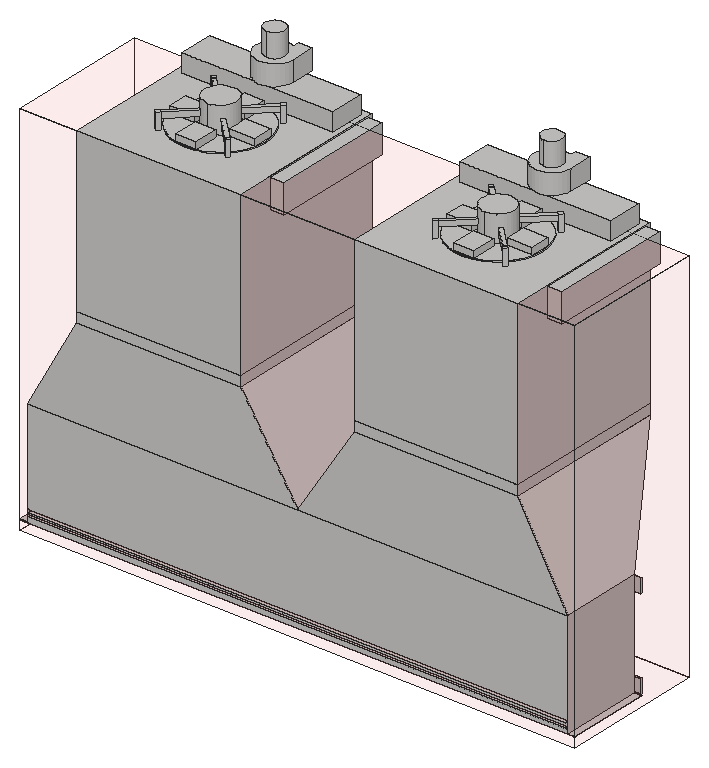
Revit family "Air-Curtain_Industrial_PoweredAire_Gas-Indirect-2Heater", category Mechanical Equipment, host Face, Revit 2026
Family settings
  Host = Face
  Round Connector Dimension = Use Diameter
  Part Type = Normal
  Classification Number = 23.75.35.17.21
  Cut with Voids When Loaded = No
  Maintain Annotation Orientation = No
  Shared = No
  Room Calculation Point = No
Parameters
  topbracket [instance] = Unit Height = 1' 4 3/4"  # yes
  Warranty Duration (Years) = 0
  Unit Width Notes = "Other Widths available."  # constant formula
  Unit Width = 9' - 3 5/32"
  Unit Weight = 0
  Unit Height = 1' - 4 3/4"
  Unit Depth = 1' - 9 1/4"
  URL = "http://www.poweredaire.com/"
  Test Data = ""
  Standards Conformance = "as Specified"
  Specification = "http://www.arcat.com/sdspecs/htm04/23_34_33pai.htm"
  SpecWizard = ""
  Sound Pressure = "as Specified"
  Sales Information = "http://www.poweredaire.com/contact_us"
  Revision = "R1_2016-08"
  Projection from Host [instance] = 0' - 2"
  Product Properties = ""
  Product Data = "http://www.arcat.com/arcatcos/cos47/arc47623.html"
  Power Rating = 0 W
  Piping_Operating Pressure [instance] = 0.00 psi
  Pipe OD [instance] = 5/8"
  Overall Depth = 6' - 1 3/4"
  Nozzle Width = if(1 = 1, Unit Width - 0' 3", 0' 0")  # 9' - 0 5/32"
  Mounting Width = if(1 = 1, Unit Width - 0' 1 1/2", 0' 0")  # 9' - 1 21/32"
  Mounting Height [instance] = 3' - 6"
  Motor RPM = 0
  Motor HP = 0
  Motor Count = 0
  Model = "As Specified"
  Max Height = 0' - 0"
  Manufacturer Website = "http://www.poweredaire.com/"
  Manufacturer Phone - Toll Free = "888-321-2473"
  Manufacturer Phone = "724-588-3305"
  Manufacturer Fax = "724-588-3371"
  Manufacturer Address = "109 Mortensen Rd.  Greenville, PA 16125"
  Manufacturer = "Powered Aire, Inc"
  Maintenance Schedule (Months) = 0
  Keynote = "23 34 33"
  Installation-Fabrication = ""
  Installation Phase = ""
  Include Clearance [instance] = yes
  Heating Element Load = 0 W
  Heater Weight = 0
  Heater Hanging Width = 2' - 6 5/8"
  Heater Finish [instance] = Metal - Steel - PoweredAire - Stainless 304
  HVAC_Temperature Rise = 0 °F
  HVAC_Primary CFM = 0 CFM
  HVAC_Outlet Volume = 0 CFM
  HVAC_Outlet Velocity Uniformity = 0
  HVAC_Outlet Velocity = 0 FPM
  HVAC_Exit Temperature [instance] = 0 °F
  HVAC_BTU Output = 0.0 Btu/h
  HVAC_BTU Input = 0.0 Btu/h
  Green Building-LEED = "http://www.arcat.com/green/clients/leed_data_47623.html"
  Gas Connection Diameter [instance] = 0"
  Frame Finish [instance] = Metal - Steel - PoweredAire - Stainless 304
  Expected Lifespan (Years) = 0
  Exhaust Connection Diameter = 0' - 5"
  Electrical_Wattage [instance] = Power Rating + Heating Element Load  # 0 W
  Electrical_Voltage [instance] = 0 V
  Electrical_Phase [instance] = 1
  Electrical_Frequency [instance] = 0 Hz
  Electrical_Amperage [instance] = 0 A
  Drawn By = "Sumex Design, Inc. / Robert S. Weygant, CSI, CDT, SCIP"
  Description = "Powered Aire Air Curtain as Specified"
  Default Elevation = 0' - 0"  # constant formula
  Copyright = "©Arcat Inc."
  Construction Details = "http://www.arcat.com/details/powair/prod3336.html"
  Clearance_Top [instance] = 1' - 0"
  Clearance_Side B [instance] = 0' - 0"
  Clearance_Side A [instance] = 0' - 0"
  Clearance_Intake [instance] = 0' - 0"
  Clearance_Bottom [instance] = 0' - 0"
  Clearance Material [instance] = ARCAT Clearance
  Building Codes = ""
  Available Options [instance] = "as Specified"
  Assembly Code = "D3090400"
Reference planes (in)
  plane 1 "Center (Elevation)": y = 0.13818
  plane 2: z = 0
  plane 3 "Center (Left/Right)": x = 0
  plane 4 "Top": y = 8.51318
  plane 5: y = -8.23682
  plane 6: x = -55.57812
  plane 7: x = 55.57813
  plane 8 "Front": z = 23.25
  plane 9 "FF": y = -41.86182
  plane 10: z = 2
  plane 11: x = 54.07813
  plane 12: x = -54.07812
  plane 13: y = 20.51318
  plane 14: y = -8.23682
  plane 15: x = -55.57812
  plane 16: x = 55.57813
  plane 17: z = 75.75
  plane 18: x = 54.01563
  plane 19: x = -54.01562
  plane 20: x = 54.07813
  plane 21: x = 54.07813
  plane 22: y = 6.01318
  plane 23: y = -5.73682
  plane 24: z = 75.75
  plane 25: z = 43.25
  plane 26: z = 41.25
  plane 27: x = -43.10156
  plane 28: x = -12.47656
  plane 29: x = -44.16406
  plane 30: x = -11.41406
  plane 31: x = 12.47656
  plane 32: x = 43.10156
  plane 33: x = 11.41406
  plane 34: x = 44.16406
  plane 35: x = -27.78906
  plane 36: x = 27.78906
Forms (in)
  Extrusion 1, solid, material "Metal - Steel - PoweredAire - Stainless 304" <- "Frame Finish"
    sketch origin (0, 0, 0) x (0, 1, 0) y (0, 0, 1)
      loop
        line (-8.23682, 2) -> (8.51318, 2) -> (8.51318, 23.25) -> (-8.23682, 23.25) -> (-8.23682, 2)
    from -54.07813 to 54.07812
  Extrusion 2, solid, material "ARCAT Clearance" <- "Clearance Material", visible <- "Include Clearance"
    sketch origin (0, 0, 0) x (0, 1, 0) y (0, 0, 1)
      loop
        line (-8.23682, 75.75) -> (-8.23682, 0) -> (20.51318, 0) -> (20.51318, 75.75) -> (-8.23682, 75.75)
    from -55.57812 to 55.57812
  Extrusion 3, solid, material "Metal - Steel - PoweredAire - Stainless 304" <- "Frame Finish"
    sketch origin (-15.17702, -180, 2) x (-1, 0, 0) y (0, -1, 0)
      loop
        line (-69.25515, -188.51318) -> (-69.25515, -171.76318) -> (-70.75515, -171.76318) -> (-70.75515, -188.51318) -> (-69.25515, -188.51318)
      loop
        line (38.9011, -188.51318) -> (40.4011, -188.51318) -> (40.4011, -171.76318) -> (38.9011, -171.76318) -> (38.9011, -188.51318)
    from 0 to 0.125
  Extrusion 4, solid, material "Metal - Steel - PoweredAire - Stainless 304" <- "Frame Finish", visible <- "topbracket"
    sketch origin (-11.83813, 8.51318, 48) x (-1, 0, 0) y (0, 0, 1)
      loop
        line (-65.91625, -45.5) -> (-65.91625, -42.75) -> (-67.41625, -42.75) -> (-67.41625, -45.5) -> (-65.91625, -45.5)
      loop
        line (-65.91625, -27.5) -> (-65.91625, -24.75) -> (-67.41625, -24.75) -> (-67.41625, -27.5) -> (-65.91625, -27.5)
      loop
        line (42.24, -45.5) -> (43.74, -45.5) -> (43.74, -42.75) -> (42.24, -42.75) -> (42.24, -45.5)
      loop
        line (42.24, -27.5) -> (43.74, -27.5) -> (43.74, -24.75) -> (42.24, -24.75) -> (42.24, -27.5)
    from 0 to -0.125
  Extrusion 5, void
    sketch origin (0, 0, 0) x (0, 1, 0) y (0, 0, 1)
      loop
        line (-8.23682, 3) -> (-7.23682, 3) -> (-7.23682, 4.5) -> (-8.23682, 4.5) -> (-8.23682, 3.82425) -> (-7.38364, 3.82425) -> (-7.38364, 3.57425) -> (-8.23682, 3.57425) -> (-8.23682, 3)
    from -54.01563 to 54.01562
  Blend 6, solid, material "Metal - Steel - PoweredAire - Stainless 304" <- "Frame Finish"
    base sketch origin (-15.17702, -180, 23.25) x (-1, 0, 0) y (0, -1, 0)
      loop
        line (38.9011, -188.51318) -> (38.9011, -171.76318) -> (-15.17702, -171.76318) -> (-15.17702, -188.51318) -> (38.9011, -188.51318)
    top sketch origin (-15.17702, -180, 23.25) x (-1, 0, 0) y (0, -1, 0)
      loop
        line (28.98704, -171.76318) -> (-3.76296, -171.76318) -> (-3.76296, -204.76318) -> (28.98704, -204.76318) -> (28.98704, -171.76318)
    from 0 to 18
  Blend 7, solid, material "Metal - Steel - PoweredAire - Stainless 304" <- "Frame Finish"
    base sketch origin (15.17702, -180, 23.25) x (1, 0, 0) y (0, 1, 0)
      loop
        line (38.9011, 188.51318) -> (-15.17702, 188.51318) -> (-15.17702, 171.76318) -> (38.9011, 171.76318) -> (38.9011, 188.51318)
    top sketch origin (15.17702, -180, 23.25) x (1, 0, 0) y (0, 1, 0)
      loop
        line (28.98704, 171.76318) -> (28.98704, 204.76318) -> (-3.76296, 204.76318) -> (-3.76296, 171.76318) -> (28.98704, 171.76318)
    from 0 to 18
Cuts and joins
  Extrusion 5 cuts Extrusion 1
Dimensions and locks (in)
  equal spacing: plane 4 "Top", plane 1 "Center (Elevation)", plane 5
  "Unit Height": plane 4 "Top" to plane 5
  "Unit Width": plane 6 to plane 7
  "Mounting Height": plane 1 "Center (Elevation)" to plane 9 "FF"
  "Projection from Host": plane 10 to level
  "Unit Depth": plane 8 "Front" to plane 10
  locked: plane 6 to plane 12 at 1.5
  locked: plane 11 to plane 7 at 1.5
  "Clearance_Side A": plane 7 to plane 16
  "Clearance_Side B": plane 15 to plane 6
  "Clearance_Top": plane 13 to plane 4 "Top"
  "Clearance_Bottom": plane 5 to plane 14
  "Clearance_Intake": plane 17 to plane 24
  Extrusion 5 sketch curve to Extrusion 5 sketch curve to Extrusion 5 sketch curve to Extrusion 5 sketch curve to plane 10 = 0' - 0.67575" locked, 0' - 0 1/4" locked, 0' - 0.57425" locked, 0' - 1" locked
  plane 5 to Extrusion 5 sketch curve to Extrusion 5 sketch curve = 0' - 0.85319" locked, 0' - 0.14681" locked
  locked: plane 19 to plane 12 at 0.0625
  locked: plane 11 to plane 18 at 0.0625
  locked: plane 20 to plane 11
  locked: plane 21 to plane 11
  locked: plane 4 "Top" to plane 22 at 2.5
  locked: plane 23 to plane 5 at 2.5
  "Overall Depth": plane 24 to plane 10
  locked: plane 25 to plane 26 at 2
  locked: plane 24 to plane 25 at 32.5
  locked: Blend 6 sketch curve to plane 5 at 33
  Extrusion 4 sketch curve to Extrusion 4 sketch curve to plane 10 = 0' - 2 3/4" locked, 0' - 0 1/2" locked  (x2)
  plane 8 "Front" to Extrusion 4 sketch curve to Extrusion 4 sketch curve = 0' - 0" locked, 0' - 2 3/4" locked  (x2)
  locked: plane 28 to plane 30 at 1.0625
  locked: plane 29 to plane 27 at 1.0625
  locked: plane 32 to plane 34 at 1.0625
  locked: plane 33 to plane 31 at 1.0625
  equal spacing: plane 6, plane 35, plane 3 "Center (Left/Right)", plane 36, plane 7
  equal spacing: plane 27, plane 35, plane 28
  "Heater Hanging Width": plane 27 to plane 28
  equal spacing: plane 31, plane 36, plane 32
  "Heater Hanging Width": plane 31 to plane 32
  locked: Blend 7 sketch curve to plane 5 at 33
  aligned and locked: plane 2 to host face
  aligned and locked: level to host face
  aligned and locked: Extrusion 2 sketch curve to plane 17
  aligned and locked: plane 14 to Extrusion 2 sketch curve
  aligned and locked: level to Extrusion 2 sketch curve
  aligned and locked: Extrusion 2 sketch curve to plane 13
  aligned and locked: plane 16 to Extrusion 2
  aligned and locked: Extrusion 2 to plane 15
  aligned and locked: plane 11 to Extrusion 1
  aligned and locked: Extrusion 1 to plane 12
  aligned and locked: Extrusion 1 sketch curve to plane 8 "Front"
  aligned and locked: plane 24 to nested 1
  aligned and locked: plane 5 to Blend 6 sketch curve
  aligned and locked: plane 12 to Blend 6 sketch curve
  aligned and locked: Blend 6 sketch curve to plane 4 "Top"
  aligned and locked: Blend 6 sketch curve to plane 5
  aligned and locked: plane 26 to Blend 6
  aligned and locked: plane 35 to nested 1
  aligned and locked: plane 36 to nested 2
  aligned and locked: plane 24 to nested 2
  aligned and locked: Blend 6 sketch curve to plane 3 "Center (Left/Right)"
  aligned and locked: Blend 6 sketch curve to plane 29
  aligned and locked: plane 30 to Blend 6 sketch curve
  aligned and locked: Blend 7 sketch curve to plane 5  (x2)
  aligned and locked: Blend 7 sketch curve to plane 3 "Center (Left/Right)"
  aligned and locked: plane 11 to Blend 7 sketch curve
  aligned and locked: Blend 7 sketch curve to plane 4 "Top"
  aligned and locked: plane 33 to Blend 7 sketch curve
  aligned and locked: Blend 7 sketch curve to plane 34
  aligned and locked: plane 18 to cut or joined group of Extrusion 1, Extrusion 5
  aligned and locked: cut or joined group of Extrusion 1, Extrusion 5 to plane 19
Automatic sketch dimensions
  host sketch curve to host sketch curve = 8' - 0"  (x2)
  Extrusion 1 sketch curve to plane 5 = 0' - 0"
  Extrusion 1 sketch curve to plane 4 "Top" = 0' - 0"
  Extrusion 1 sketch curve to plane 10 = 0' - 0"
  plane 4 "Top" to Extrusion 3 sketch curve = 0' - 0"
  Extrusion 3 sketch curve to plane 7 = 0' - 0"
  plane 5 to Extrusion 3 sketch curve = 0' - 0"
  Extrusion 3 sketch curve to plane 11 = 0' - 0"
  Extrusion 3 sketch curve to plane 4 "Top" = 0' - 0"
  Extrusion 3 sketch curve to plane 12 = 0' - 0"
  Extrusion 3 sketch curve to plane 6 = 0' - 0"
  Extrusion 3 sketch curve to plane 5 = 0' - 0"
  Extrusion 4 sketch curve to plane 7 = 0' - 0"  (x2)
  Extrusion 4 sketch curve to plane 11 = 0' - 0"  (x2)
  Extrusion 4 sketch curve to plane 12 = 0' - 0"  (x2)
  Extrusion 4 sketch curve to plane 6 = 0' - 0"  (x2)
  Extrusion 5 sketch curve to plane 5 = 0' - 0"  (x2)
Nested families (in)
  nested 1: "Heater" at (-27.78906, -8.23682, 43.2987) x (1, 0, 0) z (0, 1, 0), finish <- "Heater Finish", burner width <- "Heater Hanging Width", type "Heater"
    with finish Metal - Steel - PoweredAire - Stainless 304, burner width 2' - 6 5/8", Two Fan no, One Fan yes
  nested 2: "Heater" at (27.78906, -8.23682, 43.2987) x (1, 0, 0) z (0, 1, 0), finish <- "Heater Finish", burner width <- "Heater Hanging Width", type "Heater"
    with finish Metal - Steel - PoweredAire - Stainless 304, burner width 2' - 6 5/8", Two Fan no, One Fan yes
Connectors (in)
  electrical at (-54.07812, 0.13818, 12.625), driven by "Electrical_Voltage", driven by "Electrical_Phase"
    settings: on cut or joined group of Extrusion 1, Extrusion 5, index 3, voltage 0 V, apparent load 0 VA, apparent load phase1 0 VA, apparent load phase2 0 VA, apparent load phase3 0 VA, power factor 1, load classification "Motor", number of poles 1, system type 31, power factor state 1, is connector primary yes, connector utility no, sub classification motor no, connector description ""
  hvac at (-24.78906, 24.76318, 81.40625), driven by "Exhaust Connection Diameter", driven by "HVAC_Primary CFM"
    settings: on nested 1, index 4, duct flow 0 CFM, flow factor 0, pres drop 0.00 in-wg, loss coef 0, conn angle 0.00°, conn width 12", conn height 12", conn diameter 5", duct sys type 3, conn prof type 0, flow config 0, flow direction 2, loss method 0, conn ref index -1, conn util no, is conn primary yes, conn desc ""
  hvac at (30.78906, 24.76318, 81.40625), driven by "HVAC_Primary CFM", driven by "Exhaust Connection Diameter"
    settings: on nested 2, index 5, duct flow 0 CFM, flow factor 0, pres drop 0.00 in-wg, loss coef 0, conn angle 0.00°, conn width 12", conn height 12", conn diameter 5", duct sys type 3, conn prof type 0, flow config 0, flow direction 2, loss method 0, conn ref index -1, conn util no, is conn primary no, conn desc ""
Definition of nested family "Heater"
  Parameters
    finish [instance] = none
    burner width [instance] = 4' - 0 5/8"
    burner depth = 3' - 8 3/4"
    Two Fan [instance] = burner width > 4' 0"  # yes
    One Fan [instance] = burner width < 4' 0"  # no
    Default Elevation = 0' - 0"  # constant formula
  Reference planes (in)
    plane 1 "Center (Front/Back)": y = 0
    plane 2: z = 0
    plane 3 "Center (Left/Right)": x = 0
    plane 4: x = -25.375
    plane 5: x = 25.375
    plane 6: z = 33
    plane 7: y = -44.75
    plane 8: x = 3
    plane 9: x = 4.375
    plane 10: x = -12.6875
    plane 11: x = 12.6875
    plane 12: z = 15.5
    plane 13: x = -24.3125
    plane 14: x = 24.3125
  Forms (in)
    Extrusion 1, solid, material <- "finish"
      sketch origin (-74.94554, -3, 38.65968) x (0, 0, 1) y (1, 0, 0)
        loop
          line (-5.65968, 49.57054) -> (-5.65968, 100.32054) -> (-38.65968, 100.32054) -> (-38.65968, 49.57054) -> (-5.65968, 49.57054)
      from 3 to -29.4513
    Extrusion 2, solid, material <- "finish"
      sketch origin (0, 0, 0) x (0, 1, 0) y (0, 0, 1)
        loop
          line (2, 0) -> (2, 33) -> (0, 33) -> (0, 0) -> (2, 0)
      from -25.375 to 25.375
    Extrusion 3, solid, material <- "finish"
      sketch origin (-74.94554, -32.4513, 38.65968) x (0, 0, 1) y (1, 0, 0)
        loop
          line (-6.91591, 50.82971) -> (-6.91591, 99.10844) -> (-13.91591, 99.10844) -> (-13.91591, 50.82971) -> (-6.91591, 50.82971)
      from 0 to -3.625
    Extrusion 4, solid, material <- "finish"
      sketch origin (-74.94554, -36.0763, 38.65968) x (0, 0, 1) y (1, 0, 0)
        loop
          arc (-10.4052, 79.32054) -> (-12.67312, 72.60509) -> (-6.79809, 76.57054) r 3.74068
          line (-6.79809, 76.57054) -> (-5.65968, 76.57054) -> (-5.65968, 79.32054) -> (-10.4052, 79.32054)
      from 0 to -4.0625
    Extrusion 5, solid, material <- "finish"
      sketch origin (-73.58006, -40.1388, 35.52564) x (0, 0, -1) y (1, 0, 0)
        loop
          circle (7.27116, 74.21438) r 2
      from 4.6112 to 0
    Extrusion 6, solid, material <- "finish"
      sketch origin (0, 0, 0) x (1, 0, 0) y (0, 1, 0)
        loop
          line (28.3125, -32.4513) -> (28.3125, -26.7013) -> (25.3125, -26.7013) -> (25.3125, -32.4513) -> (28.3125, -32.4513)
      from 7.25 to 31.75
    Extrusion 7, solid, material <- "finish", visible <- "Two Fan"
      sketch origin (0, 0, 0) x (0, 1, 0) y (0, 0, 1)
        loop
          line (-32.4513, 6.22268) -> (-44.15658, 5.1986) -> (-44.15658, 4.4486) -> (-32.4513, 4.85736) -> (-32.4513, 6.22268)
      from -25.375 to 25.375
  Dimensions and locks (in)
    locked: Extrusion 4 sketch curve to Extrusion 4 sketch curve at 2.75
    "burner width": plane 13 to plane 14
    locked: plane 6 to level at 33
    "burner depth": plane 7 to plane 1 "Center (Front/Back)"
    locked: plane 8 to plane 9 at 1.375
    Extrusion 4 sketch curve to Extrusion 4 sketch curve to plane 8 = 0' - 0.99068" locked, 0' - 1 3/8" locked
    locked: Extrusion 5 sketch curve to plane 8 at 2.36568
    locked: plane 8 to plane 3 "Center (Left/Right)" at 3
    Extrusion 6 sketch curve to plane 5 to Extrusion 6 sketch curve = 0' - 0 1/16" locked, 0' - 2 15/16" locked
    equal spacing: plane 5, plane 11, plane 3 "Center (Left/Right)", plane 10, plane 4
    locked: plane 4 to plane 13 at 1.0625
    locked: plane 14 to plane 5 at 1.0625
    aligned and locked: plane 2 to level
    aligned: Extrusion 4 to Extrusion 5
    aligned: Extrusion 3 to Extrusion 2  (x2)
    aligned and locked: plane 7 to Extrusion 5
    aligned and locked: plane 4 to Extrusion 1 sketch curve
    aligned and locked: Extrusion 1 sketch curve to plane 5
    aligned and locked: Extrusion 7 to plane 4
    aligned and locked: plane 5 to Extrusion 7
    aligned and locked: plane 12 to nested 1
    aligned and locked: plane 3 "Center (Left/Right)" to nested 1
    aligned and locked: plane 12 to nested 3
    aligned and locked: plane 11 to nested 3
    aligned and locked: plane 10 to nested 2
    aligned and locked: plane 12 to nested 2
    aligned and locked: plane 5 to Extrusion 2
    aligned and locked: Extrusion 2 to plane 4
  Automatic sketch dimensions
    Extrusion 1 to Extrusion 3 sketch curve = 0' - 1.25917"
    Extrusion 1 to Extrusion 3 sketch curve = 0' - 8.25624"
    Extrusion 1 to Extrusion 3 sketch curve = 0' - 1.2121"
    Extrusion 1 to Extrusion 3 sketch curve = 0' - 1.25624"
    Extrusion 4 sketch curve to Extrusion 3 = 0' - 0.11782"
    Extrusion 4 sketch curve to Extrusion 3 = 0' - 1.25624"
    Extrusion 5 sketch curve to Extrusion 4 = 0' - 4.74552"
    Extrusion 1 sketch curve to level = 0' - 0"
    Extrusion 1 sketch curve to plane 6 = 0' - 0"
    Extrusion 2 sketch curve to level = 0' - 0"
    Extrusion 2 sketch curve to plane 1 "Center (Front/Back)" = 0' - 0"
    Extrusion 2 sketch curve to plane 6 = 0' - 0"
    Extrusion 2 sketch curve to Extrusion 2 sketch curve = 0' - 2"
    Extrusion 6 sketch curve to plane 7 = 1' - 0.2987"
    Extrusion 6 sketch curve to Extrusion 6 sketch curve = 0' - 5 3/4"
    Extrusion 7 sketch curve to plane 7 = 0' - 0.59342"
    level to Extrusion 7 sketch curve = 0' - 4.4486"
    Extrusion 7 sketch curve to Extrusion 7 sketch curve = 0' - 0 3/4"
    level to Extrusion 7 sketch curve = 0' - 4.85736"
    Extrusion 7 sketch curve to Extrusion 7 sketch curve = 0' - 11.70529"
    Extrusion 7 sketch curve to Extrusion 7 sketch curve = 0' - 1.36532"
    radius of Extrusion 5 sketch curve = 0' - 2"
  Nested families (in)
    nested 1: "FanControls" at (0, -32.4513, 15.5) x (1, 0, 0) z (0, -1, 0), finish <- "finish", visible <- "One Fan", type "FanControls"
      with finish none
    nested 2: "FanControls" at (-12.6875, -32.4513, 15.5) x (1, 0, 0) z (0, -1, 0), finish <- "finish", visible <- "Two Fan", type "FanControls"
      with finish none
    nested 3: "FanControls" at (12.6875, -32.4513, 15.5) x (1, 0, 0) z (0, -1, 0), finish <- "finish", visible <- "Two Fan", type "FanControls"
      with finish none
  Definition of nested family "FanControls"
    Parameters
      finish [instance] = none
      Default Elevation = 4' - 0"
    Reference planes (in)
      plane 1 "Center (Front/Back)": y = 0
      plane 2: z = 0
      plane 3 "Center (Left/Right)": x = 0
    Forms (in)
      Extrusion 1, solid, material <- "finish"
        sketch origin (-75.00804, 32.07233, 0) x (1, 0, 0) y (0, -1, 0)
          loop
            circle (75.00804, 32.07233) r 3.25
        from -5.33075 to 0
      Extrusion 2, solid, material <- "finish"
        sketch origin (24.44581, -78.06044, 0) x (1, 0, 0) y (0, -1, 0)
          loop
            line (-22.50831, -86.58776) -> (-22.50831, -81.58776) -> (-26.50831, -81.58776) -> (-26.50831, -86.58776) -> (-22.50831, -86.58776)
          loop
            line (-22.50831, -69.53312) -> (-26.50831, -69.53312) -> (-26.50831, -74.53312) -> (-22.50831, -74.53312) -> (-22.50831, -69.53312)
          loop
            line (-15.98099, -76.06044) -> (-20.98099, -76.06044) -> (-20.98099, -80.06044) -> (-15.98099, -80.06044) -> (-15.98099, -76.06044)
          loop
            line (-33.03563, -76.06044) -> (-33.03563, -80.06044) -> (-28.03563, -80.06044) -> (-28.03563, -76.06044) -> (-33.03563, -76.06044)
        from 0 to -1.37288
      Extrusion 3, solid, material <- "finish"
        sketch origin (-75.00804, 21.40968, 0) x (1, 0, 0) y (0, -1, 0)
          loop
            line (68.02536, 14.95733) -> (68.55569, 14.427) -> (75.00804, 20.87935) -> (81.46039, 14.427) -> (81.99072, 14.95733) -> (75.53837, 21.40968) -> (81.99072, 27.86203) -> (81.46039, 28.39236) -> (75.00804, 21.94001) -> (68.55569, 28.39236) -> (68.02536, 27.86203) -> (74.47771, 21.40968) -> (68.02536, 14.95733)
        from -3.1123 to -2
      Extrusion 4, solid, material <- "finish"
        sketch origin (-75.00804, 21.40968, 0) x (1, 0, 0) y (0, -1, 0)
          loop
            line (68.02536, 13.89667) -> (68.55569, 14.427) -> (68.02536, 14.95733) -> (67.49503, 14.427) -> (68.02536, 13.89667)
          loop
            line (82.52105, 14.427) -> (81.99072, 14.95733) -> (81.46039, 14.427) -> (81.99072, 13.89667) -> (82.52105, 14.427)
          loop
            line (81.99072, 28.92269) -> (81.46039, 28.39236) -> (81.99072, 27.86203) -> (82.52105, 28.39236) -> (81.99072, 28.92269)
          loop
            line (67.49503, 28.39236) -> (68.02536, 27.86203) -> (68.55569, 28.39236) -> (68.02536, 28.92269) -> (67.49503, 28.39236)
        from 0 to -3.1123
      Extrusion 5, solid, material <- "finish"
        sketch origin (0, 0, 0) x (1, 0, 0) y (0, 1, 0)
          loop
            circle (0, 0) r 9
        from 0 to 0.14961
    Dimensions and locks (in)
      Extrusion 4 sketch curve to Extrusion 4 sketch curve to Extrusion 4 sketch curve to Extrusion 4 sketch curve = 0' - 0.53033" locked, 0' - 0" locked, 0' - 0.53033" locked  (x4)
      Extrusion 3 sketch curve to Extrusion 3 sketch curve to Extrusion 3 sketch curve to Extrusion 3 sketch curve to Extrusion 3 sketch curve = 0' - 5.92202" locked, 0' - 0" locked, 0' - 0.53033" locked, 0' - 0" locked
      Extrusion 3 sketch curve to Extrusion 3 sketch curve to Extrusion 3 sketch curve to Extrusion 3 sketch curve to Extrusion 3 sketch curve = 0' - 0" locked, 0' - 0.53033" locked, 0' - 0" locked, 0' - 5.92202" locked
      locked: Extrusion 2 sketch curve to Extrusion 2 sketch curve at 5  (x2)
      aligned and locked: plane 2 to level
